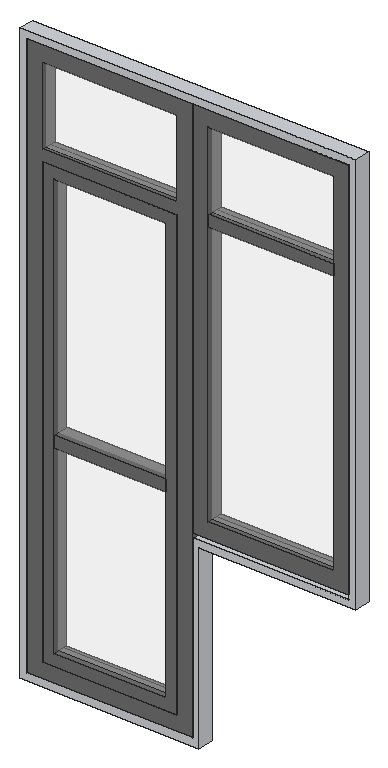
Revit family "AVLN_Балконный блок_Правый_Одностворчатый Фрамуга", category Окна, Revit 2021
Family settings
  Основа = Стена
  Номер OmniClass = 23.30.20.00
  Заголовок OmniClass = Windows
  Всегда вертикально = Да
  При загрузке вырезать с полостями = Нет
  Общий = Нет
  Точка принадлежности помещению = Нет
Parameters (values of type "1500")
  Ширина среднействорки = 400 mm
  Ширина рамы двери = 50 mm
  Ширина рамы = 70 mm
  Ширина окна = Width - Ширина двери - Монтажный зазор * 2  # 700 mm
  Ширина импоста = 50 mm
  Ширина двери = 740 mm
  Четверть слева/справа = 50 mm
  Четверть окна снизу = 50 mm
  Четверть низ = 0 mm  # constant formula
  Черверть верх = 50 mm
  Фрамуга_Высота = Height - (Дверь_Высота + Монтажный зазор * 2 + Ширина рамы * 2 + Ширина импоста)  # 350 mm
  Фрамуга окна = yes
  Толщина основы [instance] = 200 mm
  Створка_толщина = 25 mm  # constant formula
  Rough Width = Width - Монтажный зазор * 2  # 1440 mm
  Rough Height = Height - Монтажный зазор * 2  # 2540 mm
  Подстановочный профиль_Ширина = 20 mm  # constant formula
  Подстановочный профиль_Толщина = 50 mm
  Подоконник_Толщина = 20 mm
  Подоконник_Длина = Окно_Ширина + Ширина рамы * 2 + Монтажный зазор  # 730 mm
  Подоконник_Глубина = 190 mm
  Подоконник = no
  Отступ.доп.части_Н = Ширина окна + Ширина импоста  # 750 mm
  Отступ.доп.части_В = Ширина окна + Ширина импоста + Монтажный зазор  # 780 mm
  Отлив_Толщина = 1 mm  # constant formula
  Отлив_Длина = (Окно_Ширина + Ширина рамы * 2 + Монтажный зазор) - [Четверть слева/справа]  # 680 mm
  Отлив_Глубина = 200 mm
  Отлив = no
  Открывание фрамуга оконная = АВЛН_Створка открывная : Створка глухая
  Открывание фрамуга = АВЛН_Створка открывная : Створка глухая
  Открывание окно = АВЛН_Створка открывная : Створка глухая
  Откос_Н.Ширина = ADSK_Размер_Ширина - 2 * [Четверть слева/справа]  # 1400 mm
  Откос_Н.Толщина.8 = 32 mm
  Откос_Н.Толщина.7 = 28 mm
  Откос_Н.Толщина.6 = 24 mm
  Откос_Н.Толщина.5 = 20 mm
  Откос_Н.Толщина.4 = 16 mm
  Откос_Н.Толщина.3 = 12 mm
  Откос_Н.Толщина.2 = 8 mm
  Откос_Н.Толщина.1 = 4 mm
  Откос_Н.Отступ_П = ADSK_Размер_Высота - (Монтажный зазор + 2 * Ширина рамы + Высота окна)  # 850 mm
  Откос_Н.Отступ_Л = Монтажный зазор  # 30 mm
  Откос_Н.Отступ от уровня = Монтажный зазор  # 30 mm
  Откос_Н.Количество слоев = 0
  Откос_Н.Глубина = 150 mm  # constant formula
  Откос_Н.Высота = ADSK_Размер_Высота - Черверть верх  # 2550 mm
  Откос_В.Толщина.8 = 32 mm
  Откос_В.Толщина.7 = 28 mm
  Откос_В.Толщина.6 = 24 mm
  Откос_В.Толщина.5 = 20 mm
  Откос_В.Толщина.4 = 16 mm
  Откос_В.Толщина.3 = 12 mm
  Откос_В.Толщина.2 = 8 mm
  Откос_В.Толщина.1 = 4 mm
  Откос_В.Количество слоев = 0
  Откос_В.Глубина = 130 mm
  Откос.Отступ_П [instance] = ADSK_Размер_Высота - (Монтажный зазор + 2 * Ширина рамы + Высота окна)  # 850 mm
  Откос.Отступ_Л [instance] = 0 mm
  Определить тепловые свойства по = Тип схем
  Окно_Ширина = Width - Ширина двери - Монтажный зазор * 2 - Ширина рамы * 2  # 560 mm
  Окно_Высота = Высота окна - Фрамуга_Высота - Ширина импоста  # 1180 mm
  Монтажный зазор = 30 mm
  М.Стекла = AVLN_Остекление окон и дверей
  М.Рамы = AVLN_Материал импоста_RAL 7024
  М.Подоконный профиль = Рама
  М.Подоконник = none
  М.Откос_Н.8 = none
  М.Откос_Н.7 = none
  М.Откос_Н.6 = none
  М.Откос_Н.5 = none
  М.Откос_Н.4 = none
  М.Откос_Н.3 = none
  М.Откос_Н.2 = none
  М.Откос_Н.1 = Штукатурка наружных откосов
  М.Откос_В.8 = none
  М.Откос_В.7 = none
  М.Откос_В.6 = none
  М.Откос_В.5 = none
  М.Откос_В.4 = none
  М.Откос_В.3 = none
  М.Откос_В.2 = none
  М.Откос_В.1 = Штукатурка внутренних откосов
  М.Монтажного зазора = none
  Комментарии к типоразмеру = "АР"
  Ипост высота = 900 mm
  Дверь_Ширина = Ширина двери - Ширина рамы * 2  # 600 mm
  Дверь_Высота = 2000 mm
  Дверь.Открывание.Право = no
  Дверь.Открывание.Лево = not(Дверь.Открывание.Право)  # yes
  Дверь.Откидывание = yes
  Дверь заполнение = АВЛН_Дверь балконная : Заполнение стеклом разделенное
  Глубина вставки = 0 mm
  Высота установки ручки.Окно = 750 mm
  Высота установки ручки.Дверь = 1000 mm
  Высота подоконника по умолчанию = 0 mm
  Высота окна = 1580 mm
  Height = 2600 mm
  Замыкание стены = По основе
  Width = 1500 mm
  Без фрамуги = not(Фрамуга окна)  # no
  Аналитическая конструкция = "<Нет>"
  АВЛН_Площаль откосов наружных = (ADSK_Размер_Высота * 2 + ADSK_Размер_Ширина) * 150 mm  # 1.005 m²
  АВЛН_Площаль откосов внутренних = (ADSK_Размер_Высота * 2 + ADSK_Размер_Ширина) * 180 mm  # 1.206 m²
  ADSK_Этаж [instance] = ""
  ADSK_Размер_Ширина = Width  # 1500 mm
  ADSK_Размер_Высота = Height  # 2600 mm
  ADSK_Примечание [instance] = ""
  ADSK_Площадь = ((Ширина окна + Ширина рамы * 2 + Монтажный зазор) * (Высота окна + Ширина рамы * 2 + Монтажный зазор * 2 + Подоконник_Толщина)) + ((Монтажный зазор + Дверь_Ширина + Ширина рамы * 2) * (Height))  # 3.568 m²
  ADSK_Обозначение = "ГОСТ 30674-99 ГОСТ 30970-2014"
  ADSK_Номер секции [instance] = ""
  ADSK_Наименование = "БП Б1 1440-2540"
  ADSK_Марка = "ДБ-4Л"
  ADSK_Группирование = ""
  30/90 = yes
  -----------Разрезка----------- = "-----------"  # constant formula
  -----------Профили----------- = "-----------"  # constant formula
  -----------Подоконник----------- = "-----------"  # constant formula
  -----------Отлив----------- = "-----------"  # constant formula
  -----------Откос----------- = "-----------"  # constant formula
  -----------Основные габариты----------- = "-----------"  # constant formula
  -----------Вставка----------- = "-----------"  # constant formula
Reference planes
  plane 1 "По центру (Вперед/Назад)": y = 0
  plane 2 "По центру (Влево/Вправо)": x = 0
  plane 3 "Слева": x = -750
  plane 4 "Справа": x = 750
  plane 5 "Подоконник": z = 0
  plane 6 "Заголовок": z = 2600
  plane 7 "Наружный": y = 100
  plane 8 "Внутренние": y = -100
  plane 9 "Окно": y = 100
  plane 10: x = 720
  plane 11: z = 2570
  plane 12: x = -720
  plane 13: z = 30
  plane 14: x = 700
  plane 15: x = -700
  plane 16: z = 1100
  plane 17: y = 400
  plane 18: y = -400
  plane 19: z = 2550
  plane 20 "Чет. низ": z = 0
  plane 21 "Внутренняя граница": y = 30
  plane 22: z = 2500
  plane 23: z = 920
  plane 24: z = 850
  plane 25 "222": z = 830
  plane 26 "333": z = 800
  plane 27: x = 650
  plane 28: x = 0
  plane 29: z = 850
  plane 30: x = -50
  plane 31: x = 20
  plane 32: x = 50
  plane 33: x = 0
  plane 34 "334": x = -650
  plane 35: x = 370
  plane 36: z = 1510
  plane 37: x = -350
  plane 38: z = 2100
  plane 39: z = 100
  plane 40: z = 2150
  plane 41: z = 2325
  plane 42: x = 90
  plane 43: z = 1710
Forms (mm)
  Extrusion 1, void
    sketch origin (0, 100, 0) x (1, 0, 0) y (0, 0, 1)
      loop
        line (700, 2550) -> (-700, 2550) -> (-700, 0) -> (0, 0) -> (0, 850) -> (700, 850) -> (700, 2550)
    from -300 to 0
  Extrusion 2, void
    sketch origin (0, 100, 0) x (1, 0, 0) y (0, 0, 1)
      loop
        line (750, 2600) -> (-750, 2600) -> (-750, 0) -> (50, 0) -> (50, 800) -> (750, 800) -> (750, 2600)
    from 0 to 500
  Extrusion 3, solid, material "AVLN_Материал импоста_RAL 7024" <- "М.Рамы", detail levels medium+fine
    sketch origin (0, 100, 0) x (1, 0, 0) y (0, 0, 1)
      loop
        line (20, 30) -> (20, 2570) -> (-720, 2570) -> (-720, 30) -> (20, 30)
      loop
        line (-650, 100) -> (-50, 100) -> (-50, 2100) -> (-650, 2100) -> (-650, 100)
      loop
        line (-50, 2500) -> (-650, 2500) -> (-650, 2150) -> (-50, 2150) -> (-50, 2500)
    from 0 to 70
  Extrusion 4, solid, material <- "М.Монтажного зазора", detail levels medium+fine
    sketch origin (0, -100, 0) x (1, 0, 0) y (0, 0, 1)
      loop
        line (-750, 0) -> (50, 0) -> (50, 800) -> (750, 800) -> (750, 2600) -> (-750, 2600) -> (-750, 0)
      loop
        line (720, 2570) -> (-720, 2570) -> (-720, 30) -> (20, 30) -> (20, 830) -> (720, 830) -> (720, 2570)
    from -200 to -130
  Extrusion 5, solid, material "AVLN_Материал импоста_RAL 7024" <- "М.Рамы", detail levels medium+fine
    sketch origin (0, -100, 0) x (1, 0, 0) y (0, 0, 1)
      loop
        line (720, 850) -> (720, 2570) -> (20, 2570) -> (20, 850) -> (720, 850)
      loop
        line (90, 2500) -> (90, 920) -> (650, 920) -> (650, 2500) -> (90, 2500)
    from -200 to -130
  Extrusion 6, solid, material "AVLN_Материал импоста_RAL 7024" <- "М.Рамы", visible <- "Фрамуга окна", detail levels medium+fine
    sketch origin (0, -100, 0) x (1, 0, 0) y (0, 0, 1)
      loop
        line (90, 2150) -> (90, 2100) -> (650, 2100) -> (650, 2150) -> (90, 2150)
    from -200 to -130
Lines and regions (mm)
  reference lines
    curve 1: line (-750, -100, 2125) -> (0, -100, 2125)
    curve 2: line (-750, -100, 920) -> (0, -100, 920)
    curve 3: line (-750, 400, 2125) -> (0, 400, 2125)
Text (mm)
  text "EXTERIOR" at (-1963.203, 1332.353, 0), in view "Опорный уровень"
  text "INTERIOR" at (-1981.466, -818.386, 0), in view "Опорный уровень"
  text "Наружный" at (0, 923.751, 2943.296), in view "Справа"
  text "Наружный" at (0, 1240.237, 2685.409), in view "Слева"
Dimensions and locks
  equal spacing: plane 3 "Слева", plane 2 "По центру (Влево/Вправо)", plane 4 "Справа"
  "Width": plane 3 "Слева" to plane 4 "Справа"
  "Height": plane 5 "Подоконник" to plane 6 "Заголовок"
  "Высота подоконника по умолчанию": plane 5 "Подоконник" to level
  locked: plane 7 "Наружный" to host wall
  locked: plane 8 "Внутренние" to host wall
  "Глубина вставки": plane 9 "Окно" to plane 7 "Наружный"
  "Монтажный зазор": plane 10 to plane 4 "Справа"
  "Монтажный зазор": plane 3 "Слева" to plane 12
  "Монтажный зазор": plane 11 to plane 6 "Заголовок"
  "Монтажный зазор": plane 5 "Подоконник" to plane 13
  "Четверть слева/справа": plane 14 to plane 4 "Справа"
  "Четверть слева/справа": plane 3 "Слева" to plane 15
  locked: plane 7 "Наружный" to plane 17 at 300
  locked: plane 18 to plane 8 "Внутренние" at 300
  "Черверть верх": plane 19 to plane 6 "Заголовок"
  "Четверть низ": plane 5 "Подоконник" to plane 20 "Чет. низ"
  "Ширина рамы": plane 9 "Окно" to plane 21 "Внутренняя граница"
  "Ширина рамы": plane 22 to plane 11
  "Монтажный зазор": plane 26 "333" to plane 25 "222"
  "Подоконник_Толщина": plane 25 "222" to plane 24
  "Ширина рамы": plane 24 to plane 23
  "Высота окна": plane 23 to plane 22
  "Ширина рамы": plane 27 to plane 10
  "Четверть окна снизу": plane 26 "333" to plane 29
  "Ширина импоста": plane 30 to plane 28
  "Монтажный зазор": plane 31 to plane 32
  "Ширина рамы": plane 30 to plane 31
  "Четверть слева/справа": plane 33 to plane 32
  "Толщина основы": host wall to host wall
  "Ширина рамы": plane 12 to plane 34 "334"
  equal spacing: plane 42, plane 35, plane 27
  equal spacing: plane 38, plane 36, plane 23
  equal spacing: plane 34 "334", plane 37, plane 30
  equal spacing: plane 38, plane 16, plane 39
  "Ширина рамы": plane 39 to plane 13
  "Ширина импоста": plane 40 to plane 38
  equal spacing: plane 40, curve 1, plane 38
  equal spacing: plane 22, plane 41, plane 40
  "Дверь_Высота": plane 38 to plane 39
  "Ширина рамы": plane 31 to plane 42
  equal spacing: plane 38, curve 3, plane 40
  "Ширина двери": plane 12 to plane 31
  plane 31 to plane 10 = 700 mm  (x2)
  plane 12 to plane 31 = 740 mm
  plane 11 to plane 24 = 1720 mm
  equal spacing: plane 22, plane 43, plane 23
  aligned and locked: Extrusion 1 sketch curve to plane 14
  aligned and locked: Extrusion 1 sketch curve to plane 15
  aligned and locked: Extrusion 1 to plane 9 "Окно"
  aligned and locked: plane 17 to Extrusion 1
  aligned and locked: Extrusion 2 sketch curve to plane 6 "Заголовок"
  aligned and locked: Extrusion 2 sketch curve to plane 4 "Справа"
  aligned and locked: plane 5 "Подоконник" to Extrusion 2 sketch curve
  aligned and locked: plane 3 "Слева" to Extrusion 2 sketch curve
  aligned and locked: plane 9 "Окно" to Extrusion 2
  aligned and locked: Extrusion 2 to plane 18
  aligned and locked: Extrusion 1 sketch curve to plane 19
  aligned and locked: plane 20 "Чет. низ" to Extrusion 1 sketch curve
  aligned and locked: nested 1 to plane 21 "Внутренняя граница"
  aligned and locked: plane 29 to Extrusion 1 sketch curve
  aligned and locked: plane 26 "333" to Extrusion 2 sketch curve
  aligned and locked: nested 1 to plane 4 "Справа"
  aligned and locked: Extrusion 1 sketch curve to plane 33
  aligned and locked: nested 2 to plane 2 "По центру (Влево/Вправо)"
  aligned and locked: plane 8 "Внутренние" to nested 2
  aligned and locked: nested 3 to plane 9 "Окно"
  aligned and locked: nested 3 to plane 2 "По центру (Влево/Вправо)"
  aligned and locked: plane 32 to Extrusion 2 sketch curve
  aligned and locked: Extrusion 3 sketch curve to plane 31
  aligned and locked: Extrusion 3 sketch curve to plane 13
  aligned and locked: Extrusion 3 sketch curve to plane 12
  aligned and locked: Extrusion 3 sketch curve to plane 11
  aligned and locked: Extrusion 3 sketch curve to plane 30
  aligned and locked: plane 9 "Окно" to Extrusion 3
  aligned and locked: Extrusion 3 to nested 1
  aligned and locked: plane 3 "Слева" to Extrusion 4 sketch curve
  aligned and locked: Extrusion 4 sketch curve to plane 20 "Чет. низ"
  aligned and locked: Extrusion 4 sketch curve to plane 32
  aligned and locked: Extrusion 4 sketch curve to plane 26 "333"
  aligned and locked: Extrusion 4 sketch curve to plane 4 "Справа"
  aligned and locked: Extrusion 4 sketch curve to plane 6 "Заголовок"
  aligned and locked: plane 11 to Extrusion 4 sketch curve
  aligned and locked: Extrusion 4 sketch curve to plane 12
  aligned and locked: Extrusion 4 sketch curve to plane 13
  aligned and locked: Extrusion 4 sketch curve to plane 31
  aligned and locked: Extrusion 4 sketch curve to plane 25 "222"
  aligned and locked: Extrusion 4 sketch curve to plane 10
  aligned and locked: Extrusion 3 to plane 34 "334"
  aligned and locked: plane 39 to Extrusion 3
  aligned and locked: plane 3 "Слева" to curve 1
  aligned and locked: plane 28 to curve 1
  aligned and locked: plane 9 "Окно" to Extrusion 4
  aligned and locked: Extrusion 4 to plane 21 "Внутренняя граница"
  aligned and locked: nested 4 to plane 21 "Внутренняя граница"
  aligned and locked: plane 21 "Внутренняя граница" to nested 5
  aligned and locked: plane 12 to nested 5
  aligned and locked: plane 33 to nested 4
  aligned and locked: Extrusion 5 sketch curve to plane 11
  aligned and locked: Extrusion 5 sketch curve to plane 31
  aligned and locked: plane 29 to Extrusion 5 sketch curve
  aligned and locked: Extrusion 5 sketch curve to plane 10
  aligned and locked: plane 23 to Extrusion 5 sketch curve
  aligned and locked: Extrusion 5 sketch curve to plane 22
  aligned and locked: Extrusion 5 sketch curve to plane 42
  aligned and locked: Extrusion 5 to plane 21 "Внутренняя граница"
  aligned and locked: plane 9 "Окно" to Extrusion 5
  aligned and locked: plane 37 to nested 6
  aligned and locked: plane 41 to nested 6
  aligned and locked: plane 36 to nested 7
  aligned and locked: nested 7 to plane 35
  aligned and locked: curve 2 to plane 23
  aligned and locked: plane 29 to nested 8
  aligned and locked: plane 14 to nested 8
  aligned and locked: plane 35 to nested 9
  aligned and locked: plane 41 to nested 9
  aligned and locked: plane 16 to nested 10
  aligned and locked: nested 10 to plane 37
  aligned and locked: plane 40 to Extrusion 6
  aligned and locked: Extrusion 6 to plane 38
  aligned and locked: plane 42 to Extrusion 6
  aligned and locked: Extrusion 6 to plane 27
  aligned and locked: Extrusion 6 to Extrusion 5
  aligned and locked: Extrusion 5 to Extrusion 6
  aligned and locked: nested 11 to plane 35
  aligned and locked: plane 43 to nested 11
  aligned and locked: plane 6 "Заголовок" to nested 12
  aligned and locked: nested 12 to plane 4 "Справа"
Automatic sketch dimensions
  plane 3 "Слева" to curve 2 = 0 mm
  plane 28 to curve 2 = 0 mm
  plane 34 "334" to Extrusion 3 sketch curve = 0 mm  (x2)
  Extrusion 3 sketch curve to plane 22 = 0 mm
  Extrusion 3 sketch curve to plane 30 = 0 mm
  Extrusion 3 sketch curve to plane 39 = 0 mm
  Extrusion 3 sketch curve to plane 38 = 0 mm
  Extrusion 3 sketch curve to plane 40 = 0 mm
  plane 3 "Слева" to curve 3 = 0 mm
  plane 28 to curve 3 = 0 mm
  plane 27 to Extrusion 5 sketch curve = 0 mm
  Extrusion 6 sketch curve to plane 42 = 0 mm
  plane 27 to Extrusion 6 sketch curve = 0 mm
  plane 38 to Extrusion 6 sketch curve = 0 mm
  Extrusion 6 sketch curve to plane 40 = 0 mm
Nested families
  nested 1: "Подоконник" at (385, 30, 800), Глубина подоконника <- "Подоконник_Глубина", Длина отлива <- "Подоконник_Длина", ТП <- "Подоконник_Толщина", Ш_МЗЗ <- "Монтажный зазор", Ш_ПП <- "Подстановочный профиль_Ширина", ADSK_Группирование <- "ADSK_Группирование", ADSK_Номер секции <- "ADSK_Номер секции", ADSK_Этаж <- "ADSK_Этаж", visible <- "Подоконник", М <- "М.Подоконник", type "Подоконник"
    with Ш_ПП 20 mm, Ш_МЗЗ 30 mm, ТП 20 mm, М none, Длина отлива 730 mm, Глубина подоконника 190 mm, ADSK_Этаж "", ADSK_Примечание "", ADSK_Обозначение "", ADSK_Номер секции "", ADSK_Наименование "", ADSK_Марка "", ADSK_Группирование ""
  nested 2: "AVLN_Откосы_R19" at (0, -100, 0) x (-1, 0, 0) z (0, 0, 1), Ширина <- "ADSK_Размер_Ширина", Глубина <- "Откос_В.Глубина", Высота <- "ADSK_Размер_Высота", Высота от уровня <- "Высота подоконника по умолчанию", ADSK_Группирование <- "Комментарии к типоразмеру", ADSK_Этаж <- "ADSK_Этаж", ADSK_Номер секции <- "ADSK_Номер секции", Материал_1 <- "М.Откос_В.1", Материал_2 <- "М.Откос_В.2", Материал_3 <- "М.Откос_В.3", Материал_4 <- "М.Откос_В.4", Материал_5 <- "М.Откос_В.5", Материал_6 <- "М.Откос_В.6", Материал_7 <- "М.Откос_В.7", Материал_8 <- "М.Откос_В.8", Толщина_1 <- "Откос_В.Толщина.1", Толщина_2 <- "Откос_В.Толщина.2", Толщина_3 <- "Откос_В.Толщина.3", Толщина_4 <- "Откос_В.Толщина.4", Толщина_5 <- "Откос_В.Толщина.5", Толщина_6 <- "Откос_В.Толщина.6", Толщина_7 <- "Откос_В.Толщина.7", Толщина_8 <- "Откос_В.Толщина.8", Количество слоев <- "Откос_В.Количество слоев", Отступ_Л <- "Откос.Отступ_П", Отступ_П <- "Откос.Отступ_Л", Отступ.доп.части <- "Отступ.доп.части_В", type "AVLN_Откосы_R19"
    with Ширина_8 1276 mm, Ширина_7 1332 mm, Ширина_6 1380 mm, Ширина_5 1420 mm, Ширина_4 1452 mm, Ширина_3 1476 mm, Ширина_2 1492 mm, Ширина 1500 mm, Толщина_8 32 mm, Толщина_7 28 mm, Толщина_6 24 mm, Толщина_5 20 mm, Толщина_4 16 mm, Толщина_3 12 mm, Толщина_2 8 mm, Толщина_1 4 mm, Отступ_П 0 mm, Отступ_Л 850 mm, Отступ.доп.части 780 mm, Материал_8 none, Материал_7 none, Материал_6 none, Материал_5 none, Материал_4 none, Материал_3 none, Материал_2 none, Материал_1 Штукатурка внутренних откосов, Количество слоев 0, Глубина 130 mm, Высота_8 2488 mm, Высота_7 2516 mm, Высота_6 2540 mm, Высота_5 2560 mm, Высота_4 2576 mm, Высота_3 2588 mm, Высота_2 2596 mm, Высота.доп.части 0 mm, Высота от уровня 0 mm, Высота 2600 mm, Видимость_8 no, Видимость_7 no, Видимость_6 no, Видимость_5 no, Видимость_4 no, Видимость_3 no, Видимость_2 no, Видимость_1 no, Видимость.доп.части yes, ВД.8 no, ВД.7 no, ВД.6 no, ВД.5 no, ВД.4 no, ВД.3 no, ВД.2 no, ВД.1 no, ADSK_Этаж "", ADSK_Номер секции "", ADSK_Группирование "АР"
  nested 3: "AVLN_Откосы_R19" at (0, 100, 0) x (-1, 0, 0) z (0, 0, 1), Ширина <- "Откос_Н.Ширина", Глубина <- "Откос_Н.Глубина", Высота <- "Откос_Н.Высота", Высота от уровня <- "Откос_Н.Отступ от уровня", ADSK_Группирование <- "Комментарии к типоразмеру", ADSK_Этаж <- "ADSK_Этаж", ADSK_Номер секции <- "ADSK_Номер секции", Материал_1 <- "М.Откос_Н.1", Материал_2 <- "М.Откос_Н.2", Материал_3 <- "М.Откос_Н.3", Материал_4 <- "М.Откос_Н.4", Материал_5 <- "М.Откос_Н.5", Материал_6 <- "М.Откос_Н.6", Материал_7 <- "М.Откос_Н.7", Материал_8 <- "М.Откос_Н.8", Толщина_1 <- "Откос_Н.Толщина.1", Толщина_2 <- "Откос_Н.Толщина.2", Толщина_3 <- "Откос_Н.Толщина.3", Толщина_4 <- "Откос_Н.Толщина.4", Толщина_5 <- "Откос_Н.Толщина.5", Толщина_6 <- "Откос_Н.Толщина.6", Толщина_7 <- "Откос_Н.Толщина.7", Толщина_8 <- "Откос_Н.Толщина.8", Количество слоев <- "Откос_Н.Количество слоев", Отступ_Л <- "Откос_Н.Отступ_П", Отступ_П <- "Откос_Н.Отступ_Л", Отступ.доп.части <- "Отступ.доп.части_Н", type "AVLN_Откосы_R19"
    with Ширина_8 1176 mm, Ширина_7 1232 mm, Ширина_6 1280 mm, Ширина_5 1320 mm, Ширина_4 1352 mm, Ширина_3 1376 mm, Ширина_2 1392 mm, Ширина 1400 mm, Толщина_8 32 mm, Толщина_7 28 mm, Толщина_6 24 mm, Толщина_5 20 mm, Толщина_4 16 mm, Толщина_3 12 mm, Толщина_2 8 mm, Толщина_1 4 mm, Отступ_П 30 mm, Отступ_Л 850 mm, Отступ.доп.части 750 mm, Материал_8 none, Материал_7 none, Материал_6 none, Материал_5 none, Материал_4 none, Материал_3 none, Материал_2 none, Материал_1 Штукатурка наружных откосов, Количество слоев 0, Глубина 150 mm, Высота_8 2438 mm, Высота_7 2466 mm, Высота_6 2490 mm, Высота_5 2510 mm, Высота_4 2526 mm, Высота_3 2538 mm, Высота_2 2546 mm, Высота.доп.части 0 mm, Высота от уровня 30 mm, Высота 2550 mm, Видимость_8 no, Видимость_7 no, Видимость_6 no, Видимость_5 no, Видимость_4 no, Видимость_3 no, Видимость_2 no, Видимость_1 no, Видимость.доп.части yes, ВД.8 no, ВД.7 no, ВД.6 no, ВД.5 no, ВД.4 no, ВД.3 no, ВД.2 no, ВД.1 no, ADSK_Этаж "", ADSK_Номер секции "", ADSK_Группирование "АР"
  nested 4: "АС-Обозначение на плане двупольная" at (0, 30, 0), Коробка.Толщина <- "Ширина рамы", Коробка.Ширина <- "Ширина импоста", Rough Width <- "Дверь_Ширина", Height <- "ADSK_Размер_Высота", visible <- "Дверь.Открывание.Право", type "АС-Стандарт", detail levels medium+fine
    with Width 651 mm, built-in parameter 1001302 50 mm, Rough Width 600 mm, Монтажный зазор.Ширина сбоку 1 mm, Коробка.Ширина 50 mm, Коробка.Толщина 70 mm, Height 2600 mm
  nested 5: "АС-Обозначение на плане двупольная" at (-720, 30, 0) x (-1, 0, 0) z (0, 0, 1), Коробка.Толщина <- "Ширина рамы", Коробка.Ширина <- "Ширина импоста", Rough Width <- "Дверь_Ширина", Height <- "ADSK_Размер_Высота", visible <- "Дверь.Открывание.Лево", type "АС-Стандарт", detail levels medium+fine
    with Width 651 mm, built-in parameter 1001302 50 mm, Rough Width 600 mm, Монтажный зазор.Ширина сбоку 1 mm, Коробка.Ширина 50 mm, Коробка.Толщина 70 mm, Height 2600 mm
  nested 6: "АВЛН_Створка открывная" at (-350, 30, 2325) x (1, 0, 0) z (0, 1, 0), Створка высота <- "Фрамуга_Высота", Створка ширина <- "Дверь_Ширина", Ширина рамы <- "Створка_толщина", type <- "Открывание фрамуга", Материал_Рама <- "М.Рамы", Материал_Стеклопакет <- "М.Стекла", Материал_Ручки <- "М.Рамы", type "Створка глухая", detail levels medium+fine
    with Ширина рамы 25 mm, Створка ширина 600 mm, Створка высота 350 mm, Материал_Стеклопакет AVLN_Остекление окон и дверей, Материал_Ручки AVLN_Материал импоста_RAL 7024, Материал_Рама AVLN_Материал импоста_RAL 7024
  nested 7: "АВЛН_Створка открывная" at (370, 30, 1510) x (1, 0, 0) z (0, 1, 0), Створка высота <- "Окно_Высота", Створка ширина <- "Окно_Ширина", Ширина рамы <- "Створка_толщина", type <- "Открывание окно", Материал_Рама <- "М.Рамы", Материал_Ручки <- "М.Рамы", Материал_Стеклопакет <- "М.Стекла", visible <- "Фрамуга окна", type "Створка глухая", detail levels medium+fine
    with Ширина рамы 25 mm, Створка ширина 560 mm, Створка высота 1180 mm, Материал_Стеклопакет AVLN_Остекление окон и дверей, Материал_Ручки AVLN_Материал импоста_RAL 7024, Материал_Рама AVLN_Материал импоста_RAL 7024
  nested 8: "Отлив" at (360, 100, 820) x (-1, 0, 0) z (0, 0, 1), Длина отлива <- "Отлив_Длина", Глубина отлива <- "Отлив_Глубина", ТО <- "Отлив_Толщина", Ш_МЗЗ <- "Монтажный зазор", Ш_ПП <- "Подстановочный профиль_Толщина", visible <- "Отлив", type "Отлив"
    with Ш_ПП 50 mm, Ш_МЗЗ 30 mm, ТО 1 mm, М none, Длина отлива 680 mm, Глубина отлива 200 mm, ADSK_Этаж "", ADSK_Примечание "", ADSK_Обозначение "", ADSK_Номер секции "", ADSK_Наименование "", ADSK_Марка "", ADSK_Группирование ""
  nested 9: "АВЛН_Створка открывная" at (370, 30, 2325) x (1, 0, 0) z (0, 1, 0), Створка высота <- "Фрамуга_Высота", Створка ширина <- "Окно_Ширина", Ширина рамы <- "Створка_толщина", type <- "Открывание фрамуга оконная", Материал_Рама <- "М.Рамы", Материал_Ручки <- "М.Рамы", Материал_Стеклопакет <- "М.Стекла", visible <- "Фрамуга окна", type "Створка глухая", detail levels medium+fine
    with Ширина рамы 25 mm, Створка ширина 560 mm, Створка высота 350 mm, Материал_Стеклопакет AVLN_Остекление окон и дверей, Материал_Ручки AVLN_Материал импоста_RAL 7024, Материал_Рама AVLN_Материал импоста_RAL 7024
  nested 10: "АВЛН_Дверь балконная" at (-350, 100, 1100) x (-1, 0, 0) z (0, -1, 0), Дверь высота <- "Дверь_Высота", Дверь ширина <- "Дверь_Ширина", Ручка высота <- "Высота установки ручки.Дверь", Импост высота <- "Ипост высота", Импост ширина <- "Ширина импоста", Корбка толщина <- "Ширина рамы двери", type <- "Дверь заполнение", Правая <- "Дверь.Открывание.Лево", Левая <- "Дверь.Открывание.Право", Откидная <- "Дверь.Откидывание", М.ПП <- "М.Рамы", М.Р <- "М.Рамы", М.С <- "М.Стекла", type "Заполнение стеклом разделенное", detail levels medium+fine
    with Ручка высота 1000 mm, Правая yes, Откидная yes, М.С AVLN_Остекление окон и дверей, М.Р AVLN_Материал импоста_RAL 7024, М.ПП AVLN_Материал импоста_RAL 7024, Левая no, Корбка толщина 50 mm, Импост ширина 50 mm, Импост высота 900 mm, Дверь ширина 600 mm, Дверь высота 2000 mm, Width 800 mm, Импост yes
  nested 11: "АВЛН_Створка открывная" at (370, -100, 1710) x (-1, 0, 0) z (0, -1, 0), Створка высота <- "Высота окна", Створка ширина <- "Окно_Ширина", Ширина рамы <- "Створка_толщина", type <- "Открывание окно", Материал_Рама <- "М.Рамы", Материал_Ручки <- "М.Рамы", Материал_Стеклопакет <- "М.Стекла", visible <- "Без фрамуги", type "Створка глухая", detail levels medium+fine
    with Ширина рамы 25 mm, Створка ширина 560 mm, Створка высота 1580 mm, Материал_Стеклопакет AVLN_Остекление окон и дверей, Материал_Ручки AVLN_Материал импоста_RAL 7024, Материал_Рама AVLN_Материал импоста_RAL 7024
  nested 12: "AVLN_Обозначение проема" at (0, 100, 1300) x (0, 0, -1) z (0, -1, 0), ADSK_Размер_Высота <- "ADSK_Размер_Ширина", ADSK_Размер_Ширина <- "ADSK_Размер_Высота", type "AVLN_Обозначение проема", detail levels coarse
    with ADSK_Размер_Ширина 2600 mm, ADSK_Размер_Высота 1500 mm
Definition of nested family "Подоконник"
  Parameters (values of type "Подоконник")
    Ш_ПП [instance] = 50 mm
    Ш_МЗЗ [instance] = 35 mm
    ТП [instance] = 20 mm
    Default Elevation = 1219.2 mm
    М [instance] = none
    Длина отлива [instance] = 1560 mm
    Глубина подоконника [instance] = 280 mm
    ADSK_Этаж [instance] = ""
    ADSK_Примечание [instance] = ""
    ADSK_Обозначение [instance] = ""
    ADSK_Номер секции [instance] = ""
    ADSK_Наименование [instance] = ""
    ADSK_Марка [instance] = ""
    ADSK_Группирование [instance] = ""
  Reference planes
    plane 1 "По центру (Вперед/Назад)": y = 0
    plane 2: z = 0
    plane 3 "По центру (Влево/Вправо)": x = 0
    plane 4: y = -280
    plane 5: x = -780
    plane 6: x = 780
    plane 7: z = 35
    plane 8: z = 85
    plane 9: y = -20
    plane 10: y = -290
    plane 11: y = -310
    plane 12: z = -35
    plane 13: z = 15
    plane 14: z = 65
  Forms (mm)
    Extrusion 1, solid, material <- "М"
      sketch origin (0, 0, 0) x (0, 1, 0) y (0, 0, 1)
        loop
          line (0, 85) -> (-310, 85) -> (-310, 0) -> (-290, 0) -> (-290, 65) -> (0, 65) -> (0, 85)
      from -780 to 780
  Dimensions and locks
    equal spacing: plane 5, plane 3 "По центру (Влево/Вправо)", plane 6
    "Длина отлива": plane 5 to plane 6
    "Глубина подоконника": plane 4 to plane 1 "По центру (Вперед/Назад)"
    "Ш_МЗЗ": plane 7 to level
    "Ш_ПП": plane 8 to plane 7
    "ТП": plane 1 "По центру (Вперед/Назад)" to plane 9
    "ТП": plane 10 to plane 11
    locked: level to plane 12 at 35
    "ТП": plane 7 to plane 13
    locked: plane 4 to plane 10 at 10
    "ТП": plane 8 to plane 14
    aligned and locked: level to plane 2
    aligned and locked: plane 8 to Extrusion 1 sketch curve
    aligned and locked: plane 1 "По центру (Вперед/Назад)" to Extrusion 1 sketch curve
    aligned and locked: plane 10 to Extrusion 1 sketch curve
    aligned and locked: plane 11 to Extrusion 1 sketch curve
    aligned and locked: level to Extrusion 1 sketch curve
    aligned and locked: plane 14 to Extrusion 1 sketch curve
    aligned and locked: Extrusion 1 to plane 5
    aligned and locked: plane 6 to Extrusion 1
Definition of nested family "АВЛН_Створка открывная"
  Parameters (values of type "Створка повороно-откидная правая")
    Ширина рамы [instance] = 50 mm
    Width = 600 mm
    Створка ширина [instance] = 800 mm
    Створка высота [instance] = 700 mm
    Материал_Стеклопакет [instance] = none
    Поворотная Правая = yes
    Поворотная Левая = no
    Default Elevation = 1219.2 mm
    Открываная = yes
    Откидная = yes
    Материал_Ручки [instance] = none
    Материал_Рама [instance] = none
    Левая = yes
    Глухое = no
    Height = 1150 mm
    Analytic Construction = "<Нет>"
  Types (6, lengths in mm): name | Width | Поворотная Правая | Поворотная Левая | Открываная | Откидная | Глухое | Height
    Створка повороно-откидная правая | 600 | yes | no | yes | yes | no | 1150
    Створка повороно-откидная левая | 600 | no | yes | yes | yes | no | 1150
    Створка глухая | 600 | no | no | no | no | yes | 1150
    Створка откидная | 1300 | no | no | yes | yes | no | 1700
    Створка поворотная правая | 600 | yes | no | yes | no | no | 1150
    Створка поворотная левая | 600 | no | yes | yes | no | no | 1150
  Reference planes
    plane 1 "По центру (Вперед/Назад)": y = 0
    plane 2 "Внутрення грань": z = 0
    plane 3 "По центру (Влево/Вправо)": x = 0
    plane 4: y = 350
    plane 5: x = 400
    plane 6: y = -350
    plane 7: x = -400
    plane 8 "Наружняя грань": z = 60.433
    plane 9 "По центру Л/Р": z = 30.216
  Forms (mm)
    Extrusion 1, solid
      sketch origin (0, 0, 0) x (1, 0, 0) y (0, 1, 0)
        loop
          line (-1219.2, 1219.2) -> (-1219.2, -1219.2) -> (1219.2, -1219.2) -> (1219.2, 1219.2) -> (-1219.2, 1219.2)
      from 0 to -304.8
    Sweep 2, solid, material <- "Материал_Рама", visible <- "Открываная"
      path origin (0, 0, 0) x (1, 0, 0) y (0, 1, 0)
        loop
          line (400, 350) -> (-400, 350) -> (-400, -350) -> (400, -350) -> (400, 350)
      profile origin (0, 350, 0) x (0, -1, 0) y (0, 0, 1)
        loop
          line (0, 0) -> (50, 0) -> (50, 60.433) -> (0, 60.433) -> (0, 0)
    Extrusion 3, solid, material <- "Материал_Стеклопакет", visible <- "Открываная"
      sketch origin (0, 0, 0) x (1, 0, 0) y (0, 1, 0)
        loop
          line (-350, 300) -> (-350, -300) -> (350, -300) -> (350, 300) -> (-350, 300)
      from 17.481 to 42.952
    Extrusion 4, solid, material <- "Материал_Стеклопакет", visible <- "Глухое"
      sketch origin (0, 0, 0) x (1, 0, 0) y (0, 1, 0)
        loop
          line (-400, 350) -> (-400, -350) -> (400, -350) -> (400, 350) -> (-400, 350)
      from 17.481 to 42.952
  Lines and regions (mm)
    model lines, visible <- "Глухое", detail levels medium+fine
      curve 1: line (0, 50, 60.433) -> (0, -50, 60.433)
      curve 2: line (50, 0, 60.433) -> (-50, 0, 60.433)
      curve 17: line (0, 50, 0) -> (0, -50, 0)
      curve 18: line (50, 0, 0) -> (-50, 0, 0)
    model lines, visible <- "Глухое", not visible, detail levels medium+fine
      curve 3: line (60, 38.001, 60.433) -> (60, -61.999, 60.433)
      curve 4: line (110, -11.999, 60.433) -> (10, -11.999, 60.433)
    model lines, visible <- "Поворотная Правая", detail levels medium+fine
      curve 5: line (400, 350, 0) -> (-400, 0, 0)
      curve 6: line (400, -350, 0) -> (-400, 0, 0)
      curve 13: line (400, 350, 60.433) -> (-400, 0, 60.433)
      curve 14: line (400, -350, 60.433) -> (-400, 0, 60.433)
    model lines, visible <- "Откидная", detail levels medium+fine
      curve 7: line (-400, -350, 0) -> (0, 350, 0)
      curve 8: line (0, 350, 0) -> (400, -350, 0)
      curve 15: line (-400, -350, 60.433) -> (0, 350, 60.433)
      curve 16: line (0, 350, 60.433) -> (400, -350, 60.433)
    model lines, visible <- "Поворотная Левая", detail levels medium+fine
      curve 9: line (-400, 350, 0) -> (400, 0, 0)
      curve 10: line (-400, -350, 0) -> (400, 0, 0)
      curve 11: line (-400, 350, 60.433) -> (400, 0, 60.433)
      curve 12: line (-400, -350, 60.433) -> (400, 0, 60.433)
  Dimensions and locks
    "Створка высота": plane 4 to plane 6
    "Створка ширина": plane 7 to plane 5
    equal spacing: plane 7, plane 3 "По центру (Влево/Вправо)", plane 5
    equal spacing: plane 6, plane 1 "По центру (Вперед/Назад)", plane 4
    plane 2 "Внутрення грань" to plane 8 "Наружняя грань" = 60.433 mm
    level to Extrusion 4 = 42.952 mm
    plane 8 "Наружняя грань" to level = 60.433 mm
    equal spacing: Extrusion 3, plane 9 "По центру Л/Р", Extrusion 3
    equal spacing: plane 8 "Наружняя грань", plane 9 "По центру Л/Р", level
    Extrusion 3 to Extrusion 3 = 25.471 mm
    "Ширина рамы": profile plane to Sweep 2 sketch curve
    equal spacing: Extrusion 4, plane 9 "По центру Л/Р", Extrusion 4, locked at 12.735 each
    locked: Extrusion 4 to Extrusion 4 at 25.471
    equal spacing: Sweep 2, nested 1, Sweep 2
    equal spacing: Sweep 2, nested 2, Sweep 2
    aligned and locked: plane 2 "Внутрення грань" to Extrusion 1
    aligned and locked: level to Extrusion 1
    aligned and locked: plane 4 to Sweep 2 sketch curve
    aligned and locked: plane 5 to Sweep 2 sketch curve
    aligned and locked: plane 6 to Sweep 2 sketch curve
    aligned and locked: Sweep 2 sketch curve to plane 7
    aligned and locked: Extrusion 3 sketch curve to Sweep 2  (x4)
    aligned and locked: Extrusion 4 sketch curve to Sweep 2  (x3)
    aligned and locked: Extrusion 4 sketch curve to plane 5
    aligned and locked: Sweep 2 sketch curve to plane 8 "Наружняя грань"
    aligned and locked: plane 6 to Extrusion 4
    aligned and locked: plane 4 to Extrusion 4
    aligned and locked: curve 2 to plane 1 "По центру (Вперед/Назад)"
    aligned and locked: curve 1 to plane 3 "По центру (Влево/Вправо)"
    aligned and locked: curve 18 to plane 1 "По центру (Вперед/Назад)"
    aligned and locked: curve 17 to plane 3 "По центру (Влево/Вправо)"
    aligned and locked: nested 2 to plane 1 "По центру (Вперед/Назад)"
    aligned and locked: nested 1 to plane 1 "По центру (Вперед/Назад)"
  Automatic sketch dimensions
    Extrusion 1 sketch curve to Extrusion 1 sketch curve = 2438.4 mm  (x2)
    plane 1 "По центру (Вперед/Назад)" to curve 5 = 0 mm
    curve 5 to plane 7 = 0 mm
    curve 9 to plane 4 = 0 mm
    curve 9 to plane 7 = 0 mm
    plane 6 to curve 7 = 0 mm
    curve 7 to plane 7 = 0 mm
    curve 7 to plane 3 "По центру (Влево/Вправо)" = 0 mm
    curve 6 to plane 5 = 0 mm
    plane 1 "По центру (Вперед/Назад)" to curve 9 = 0 mm
    curve 9 to plane 5 = 0 mm
    curve 5 to plane 4 = 0 mm
    curve 5 to plane 5 = 0 mm
    plane 6 to curve 8 = 0 mm
    curve 8 to plane 4 = 0 mm
    curve 11 to plane 4 = 0 mm
    curve 11 to plane 7 = 0 mm
    plane 6 to curve 15 = 0 mm
    curve 15 to plane 7 = 0 mm
    plane 1 "По центру (Вперед/Назад)" to curve 14 = 0 mm
    curve 14 to plane 7 = 0 mm
    curve 15 to plane 3 "По центру (Влево/Вправо)" = 0 mm
    plane 1 "По центру (Вперед/Назад)" to curve 11 = 0 mm
    curve 11 to plane 5 = 0 mm
    curve 14 to plane 5 = 0 mm
    curve 13 to plane 4 = 0 mm
    curve 13 to plane 5 = 0 mm
    plane 6 to curve 14 = 0 mm
    curve 15 to plane 4 = 0 mm
    plane 1 "По центру (Вперед/Назад)" to curve 2 = 0 mm
    curve 1 to plane 3 "По центру (Влево/Вправо)" = 0 mm
    curve 2 to plane 3 "По центру (Влево/Вправо)" = 50 mm
    plane 3 "По центру (Влево/Вправо)" to curve 2 = 50 mm
    plane 1 "По центру (Вперед/Назад)" to curve 1 = 50 mm
    curve 1 to plane 1 "По центру (Вперед/Назад)" = 50 mm
    curve 18 to curve 17 = 50 mm
    curve 17 to curve 18 = 50 mm
    plane 1 "По центру (Вперед/Назад)" to curve 17 = 50 mm
    curve 17 to plane 1 "По центру (Вперед/Назад)" = 50 mm
    Sweep 2 sketch curve to level = 0 mm
    Sweep 2 sketch curve to profile plane = 0 mm
  Nested families
    nested 1: "АВЛН_Ручка" at (375, 1040, 0) x (1, 0, 0) z (0, -1, 0), visible <- "Поворотная Левая", Материал дверной ручки <- "Материал_Рама", type "АВЛН_Ручка", detail levels fine
      with Материал дверной ручки none, Высота расположения дверной ручки 1040 mm
    nested 2: "АВЛН_Ручка" at (-375, 1040, 0) x (1, 0, 0) z (0, -1, 0), visible <- "Поворотная Правая", Материал дверной ручки <- "Материал_Рама", type "АВЛН_Ручка", detail levels fine
      with Материал дверной ручки none, Высота расположения дверной ручки 1040 mm
  Definition of nested family "АВЛН_Ручка"
    Parameters (values of type "АВЛН_Ручка")
      Default Elevation = 1219.2 mm
      Материал дверной ручки [instance] = none
      Высота расположения дверной ручки [instance] = 1040 mm
      Analytic Construction = "<Нет>"
      b = 25 mm
      a = 75 mm
    Reference planes
      plane 1 "По центру (Вперед/Назад)": y = 0
      plane 2: z = 0
      plane 3 "По центру (Влево/Вправо)": x = 0
      plane 4: z = 1040
      plane 5: x = 12.5
      plane 6: x = -12.5
      plane 7: z = 1002.5
      plane 8: z = 1077.5
      plane 9: y = -15
    Forms (mm)
      Extrusion 1, solid, material <- "Материал дверной ручки"
        sketch origin (0, 0, 2080) x (-1, 0, 0) y (0, 0, -1)
          loop
            arc (-2.5, 1077.5) -> (-9.571, 1074.571) -> (-12.5, 1067.5) r 10
            line (-12.5, 1067.5) -> (-12.5, 1012.5)
            arc (-12.5, 1012.5) -> (-9.571, 1005.429) -> (-2.5, 1002.5) r 10
            line (-2.5, 1002.5) -> (2.5, 1002.5)
            arc (2.5, 1002.5) -> (9.571, 1005.429) -> (12.5, 1012.5) r 10
            line (12.5, 1012.5) -> (12.5, 1067.5)
            arc (12.5, 1067.5) -> (9.571, 1074.571) -> (2.5, 1077.5) r 10
            line (2.5, 1077.5) -> (-2.5, 1077.5)
        from 0 to 15
      Sweep 2, solid, material <- "Материал дверной ручки"
        path origin (-1040, 0, 1040) x (0, 0, -1) y (0, 1, 0)
          loop
            line (0, -15) -> (0, -38.261)
            arc (0, -38.261) -> (-2.929, -45.332) -> (-10, -48.261) r 10
            line (-10, -48.261) -> (-130, -48.261)
        profile origin (-1040, -26.63, 1040) x (0, 0, -1) y (1, 0, 0)
          loop
            circle (0, 1040) r 8
    Dimensions and locks
      "Высота расположения дверной ручки": plane 4 to level
      "a": plane 7 to plane 8
      "b": plane 6 to plane 5
      plane 6 to plane 5 = 25 mm
      locked: plane 1 "По центру (Вперед/Назад)" to plane 9 at 15
      plane 7 to plane 8 = 75 mm
      aligned and locked: level to plane 2
      aligned and locked: Extrusion 1 sketch curve to plane 7
      aligned and locked: plane 5 to Extrusion 1 sketch curve
      aligned and locked: plane 8 to Extrusion 1 sketch curve
      aligned and locked: Extrusion 1 sketch curve to plane 6
      aligned and locked: Extrusion 1 to plane 1 "По центру (Вперед/Назад)"
    Automatic sketch dimensions
      Sweep 2 sketch curve to plane 9 = 0 mm
      plane 4 to Sweep 2 sketch curve = 10 mm
      plane 9 to Sweep 2 sketch curve = 23.261 mm
      Sweep 2 sketch curve to Sweep 2 sketch curve = 120 mm
      Sweep 2 sketch curve to profile plane = 0 mm
      profile plane to Sweep 2 sketch curve = 1040 mm
      Sweep 2 sketch curve to plane 4 = 0 mm
      plane 3 "По центру (Влево/Вправо)" to Extrusion 1 sketch curve = 2.5 mm  (x2)
      Extrusion 1 sketch curve to plane 3 "По центру (Влево/Вправо)" = 2.5 mm  (x2)
      radius of Sweep 2 sketch curve = 8 mm
Definition of nested family "Отлив"
  Parameters (values of type "Отлив")
    Ш_ПП [instance] = 50 mm
    Ш_МЗЗ [instance] = 35 mm
    ТО [instance] = 1 mm
    Default Elevation = 1219.2 mm
    М [instance] = none
    Длина отлива [instance] = 1560 mm
    Глубина отлива [instance] = 280 mm
    ADSK_Этаж [instance] = ""
    ADSK_Примечание [instance] = ""
    ADSK_Обозначение [instance] = ""
    ADSK_Номер секции [instance] = ""
    ADSK_Наименование [instance] = ""
    ADSK_Марка [instance] = ""
    ADSK_Группирование [instance] = ""
  Reference planes
    plane 1 "По центру (Вперед/Назад)": y = 0
    plane 2: z = 0
    plane 3 "По центру (Влево/Вправо)": x = 0
    plane 4: y = -280
    plane 5: x = -780
    plane 6: x = 780
    plane 7: z = 35
    plane 8: z = 85
    plane 9: y = -1
    plane 10: y = -300
    plane 11: y = -301
    plane 12: z = -35
    plane 13: z = 34
  Forms (mm)
    Extrusion 1, solid, material <- "М"
      sketch origin (0, 0, 0) x (0, 1, 0) y (0, 0, 1)
        loop
          line (0, 85) -> (-1, 85) -> (-1, 34.893) -> (-301, 0.893) -> (-301, -35) -> (-300, -35) -> (-300, 0) -> (0, 34) -> (0, 85)
      from -780 to 780
  Dimensions and locks
    equal spacing: plane 5, plane 3 "По центру (Влево/Вправо)", plane 6
    "Длина отлива": plane 5 to plane 6
    "Глубина отлива": plane 4 to plane 1 "По центру (Вперед/Назад)"
    "Ш_МЗЗ": plane 7 to level
    "Ш_ПП": plane 8 to plane 7
    "ТО": plane 1 "По центру (Вперед/Назад)" to plane 9
    "ТО": plane 10 to plane 11
    locked: level to plane 12 at 35
    "ТО": plane 7 to plane 13
    "ТО": Extrusion 1 sketch curve to Extrusion 1 sketch curve
    locked: plane 4 to plane 10 at 20
    aligned and locked: level to plane 2
    aligned and locked: plane 8 to Extrusion 1 sketch curve
    aligned and locked: plane 9 to Extrusion 1 sketch curve
    aligned and locked: plane 11 to Extrusion 1 sketch curve
    aligned and locked: plane 12 to Extrusion 1 sketch curve
    aligned and locked: plane 1 "По центру (Вперед/Назад)" to Extrusion 1 sketch curve  (x2)
    aligned and locked: plane 13 to Extrusion 1 sketch curve
    aligned and locked: level to Extrusion 1 sketch curve
    aligned and locked: plane 10 to Extrusion 1 sketch curve
    aligned and locked: plane 6 to Extrusion 1
    aligned and locked: Extrusion 1 to plane 5
Definition of nested family "АВЛН_Дверь балконная"
  Parameters (values of type "Остекленная")
    Width = 740 mm
    Стекло заполнение сверху = no
    Стекло сплошное заполнение = yes
    Ручка высота [instance] = 985 mm
    Правая [instance] = no
    Default Elevation = 0 mm
    Откидная [instance] = no
    Define Thermal Properties by = 1
    М.С [instance] = none
    М.Р [instance] = none
    М.ПП [instance] = none
    Левая [instance] = no
    Корбка толщина [instance] = 25 mm
    Импост ширина [instance] = 50 mm
    Импост высота [instance] = 1050 mm
    Импост = no
    Дверь ширина [instance] = 1050 mm
    Дверь высота [instance] = 2100 mm
    Глухое заполнение снизу = no
    Height = 2100 mm
    Analytic Construction = "<Нет>"
  Types (3, lengths in mm): name | Стекло заполнение сверху | Стекло сплошное заполнение | Импост | Глухое заполнение снизу
    Глухое заполнение снизу | yes | no | yes | yes
    Остекленная с импостом | no | yes | yes | no
    Остекленная | no | yes | no | no
  Reference planes
    plane 1 "По центру (Вперед/Назад)": y = 0
    plane 2: z = 0
    plane 3 "По центру (Влево/Вправо)": x = 0
    plane 4: y = 1050
    plane 5 "Основание двери": y = -1050
    plane 6: x = 525
    plane 7: x = -525
    plane 8: y = 0
    plane 9: y = 25
    plane 10: y = -25
    plane 11: x = 500
    plane 12: y = -1025
    plane 13: x = -500
    plane 14: y = 1025
    plane 15: z = 70
    plane 16: y = -65
  Forms (mm)
    Extrusion 1, solid
      sketch origin (0, 0, 0) x (1, 0, 0) y (0, 1, 0)
        loop
          line (-1970, 1440) -> (-1970, -1672.46) -> (1957.193, -1672.46) -> (1957.193, 1440) -> (-1970, 1440)
      from 0 to -304.8
    Extrusion 2, solid, material <- "М.Р", visible <- "Импост", detail levels medium+fine
      sketch origin (-467.888, -159.945, 0) x (1, 0, 0) y (0, 1, 0)
        loop
          line (-32.112, 184.945) -> (-32.112, 134.945) -> (967.888, 134.945) -> (967.888, 184.945) -> (-32.112, 184.945)
      from 0 to 70
    Extrusion 3, solid, material <- "М.Р", detail levels medium+fine
      sketch origin (-467.888, -61.043, 0) x (1, 0, 0) y (0, 1, 0)
        loop
          line (-57.112, -988.957) -> (992.888, -988.957) -> (992.888, 1111.043) -> (-57.112, 1111.043) -> (-57.112, -988.957)
        loop
          line (-32.112, 1086.043) -> (-32.112, -963.957) -> (967.888, -963.957) -> (967.888, 1086.043) -> (-32.112, 1086.043)
      from 0 to 70
    Extrusion 4, solid, material <- "М.С", visible <- "Стекло заполнение сверху", detail levels medium+fine
      sketch origin (1132.112, 87.618, 0) x (1, 0, 0) y (0, 1, 0)
        loop
          line (-1632.112, 937.382) -> (-1632.112, -62.618) -> (-632.112, -62.618) -> (-632.112, 937.382) -> (-1632.112, 937.382)
      from 20 to 45
    Extrusion 5, solid, material <- "М.Р", visible <- "Глухое заполнение снизу", detail levels medium+fine
      sketch origin (-489.421, 311.882, 0) x (1, 0, 0) y (0, 1, 0)
        loop
          line (-10.579, -336.882) -> (-10.579, -1336.882) -> (989.421, -1336.882) -> (989.421, -336.882) -> (-10.579, -336.882)
      from 20 to 45
    Extrusion 6, solid, material <- "М.С", visible <- "Стекло сплошное заполнение", detail levels medium+fine
      sketch origin (932.112, 7.618, 0) x (1, 0, 0) y (0, 1, 0)
        loop
          line (-1432.112, 1017.382) -> (-1432.112, -1032.618) -> (-432.112, -1032.618) -> (-432.112, 1017.382) -> (-1432.112, 1017.382)
      from 20 to 45
  Lines and regions (mm)
    model lines, visible <- "Правая", detail levels medium+fine
      curve 1: line (500, 1025, 45) -> (-500, 0, 45)
      curve 2: line (500, -1025, 45) -> (-500, 0, 45)
      curve 9: line (500, 1025, 20) -> (-500, 0, 20)
      curve 10: line (500, -1025, 20) -> (-500, 0, 20)
    model lines, visible <- "Откидная", detail levels medium+fine
      curve 3: line (-500, -1025, 45) -> (0, 1025, 45)
      curve 4: line (0, 1025, 45) -> (500, -1025, 45)
      curve 11: line (-500, -1025, 20) -> (0, 1025, 20)
      curve 12: line (0, 1025, 20) -> (500, -1025, 20)
    model lines, visible <- "Левая", detail levels medium+fine
      curve 5: line (-500, 1025, 45) -> (500, 0, 45)
      curve 6: line (-500, -1025, 45) -> (500, 0, 45)
      curve 7: line (-500, 1025, 20) -> (500, 0, 20)
      curve 8: line (-500, -1025, 20) -> (500, 0, 20)
    symbolic lines, not visible, detail levels medium+fine
      curve 13: line (873.016, 510.662, 0) -> (1073.016, 510.662, 0)
      curve 14: line (973.016, 410.662, 0) -> (973.016, 610.662, 0)
      curve 15: line (2093.378, 460, 0) -> (2293.378, 460, 0)
      curve 16: line (2193.378, 360, 0) -> (2193.378, 560, 0)
      curve 17: line (-767.079, 635.2, 0) -> (-567.079, 635.2, 0)
      curve 18: line (-667.079, 535.2, 0) -> (-667.079, 735.2, 0)
  Dimensions and locks
    equal spacing: plane 7, plane 3 "По центру (Влево/Вправо)", plane 6
    equal spacing: plane 5 "Основание двери", plane 1 "По центру (Вперед/Назад)", plane 4
    "Дверь высота": plane 4 to plane 5 "Основание двери"
    "Дверь ширина": plane 7 to plane 6
    "Импост высота": plane 8 to plane 5 "Основание двери"
    equal spacing: plane 9, plane 8, plane 10
    "Импост ширина": plane 9 to plane 10
    "Корбка толщина": plane 4 to plane 14
    "Корбка толщина": plane 12 to plane 5 "Основание двери"
    "Корбка толщина": plane 11 to plane 6
    "Корбка толщина": plane 7 to plane 13
    Extrusion 6 to plane 15 = 25 mm
    locked: Extrusion 4 to plane 15 at 25
    plane 11 to plane 6 = 25 mm
    plane 7 to plane 13 = 25 mm
    "Ручка высота": plane 16 to plane 5 "Основание двери"
    aligned and locked: Extrusion 1 to plane 2
    aligned and locked: Extrusion 1 to level
    aligned and locked: plane 9 to Extrusion 2
    aligned and locked: Extrusion 2 to plane 10
    aligned and locked: plane 4 to Extrusion 3
    aligned and locked: Extrusion 3 to plane 14
    aligned and locked: plane 6 to Extrusion 3
    aligned and locked: Extrusion 3 to plane 11
    aligned and locked: Extrusion 3 to plane 5 "Основание двери"
    aligned and locked: plane 12 to Extrusion 3
    aligned and locked: Extrusion 3 to plane 7
    aligned and locked: plane 13 to Extrusion 3
    aligned and locked: plane 11 to Extrusion 2
    aligned and locked: Extrusion 2 to plane 13
    aligned and locked: plane 14 to Extrusion 6
    aligned and locked: Extrusion 6 to plane 13
    aligned and locked: Extrusion 6 to plane 12
    aligned and locked: plane 11 to Extrusion 6
    aligned and locked: plane 14 to Extrusion 4
    aligned and locked: Extrusion 4 to plane 13
    aligned and locked: plane 11 to Extrusion 4
    aligned and locked: Extrusion 4 to plane 9
    aligned and locked: plane 13 to curve 5
    aligned and locked: plane 14 to curve 5
    aligned and locked: plane 14 to curve 7
    aligned and locked: plane 13 to curve 7
    aligned and locked: plane 11 to curve 5
    aligned and locked: plane 1 "По центру (Вперед/Назад)" to curve 5
    aligned and locked: plane 11 to curve 7
    aligned and locked: plane 1 "По центру (Вперед/Назад)" to curve 7
    aligned and locked: Extrusion 3 to Extrusion 2
    aligned and locked: Extrusion 2 to level
    aligned and locked: Extrusion 3 to level
    aligned and locked: Extrusion 3 sketch curve to plane 11
    aligned and locked: Extrusion 3 sketch curve to plane 6
    aligned and locked: plane 7 to Extrusion 3 sketch curve
    aligned and locked: Extrusion 3 sketch curve to plane 13
    aligned and locked: Extrusion 3 sketch curve to plane 5 "Основание двери"
    aligned and locked: Extrusion 3 sketch curve to plane 12
    aligned and locked: Extrusion 3 sketch curve to plane 4
    aligned and locked: Extrusion 3 sketch curve to plane 14
    aligned and locked: Extrusion 4 sketch curve to plane 13
    aligned and locked: Extrusion 4 sketch curve to plane 14
    aligned and locked: Extrusion 4 sketch curve to plane 11
    aligned and locked: Extrusion 4 sketch curve to plane 9
    aligned and locked: Extrusion 6 sketch curve to plane 14
    aligned and locked: Extrusion 6 sketch curve to plane 12
    aligned and locked: Extrusion 6 sketch curve to plane 11
    aligned and locked: Extrusion 6 sketch curve to plane 13
    aligned and locked: Extrusion 2 sketch curve to plane 11
    aligned and locked: Extrusion 2 sketch curve to plane 13
    aligned and locked: Extrusion 2 sketch curve to plane 9
    aligned and locked: Extrusion 2 sketch curve to plane 10
    aligned and locked: Extrusion 5 sketch curve to plane 11
    aligned and locked: Extrusion 5 sketch curve to plane 10
    aligned and locked: Extrusion 5 sketch curve to plane 13
    aligned and locked: Extrusion 5 sketch curve to plane 12
  Automatic sketch dimensions
    Extrusion 1 sketch curve to Extrusion 1 sketch curve = 3927.193 mm
    Extrusion 1 sketch curve to Extrusion 1 sketch curve = 3112.46 mm
    curve 1 to plane 11 = 0 mm
    curve 2 to plane 11 = 0 mm
    curve 4 to plane 3 "По центру (Влево/Вправо)" = 0 mm
    plane 1 "По центру (Вперед/Назад)" to curve 1 = 0 mm
    curve 1 to plane 13 = 0 mm
    curve 6 to plane 12 = 0 mm
    curve 6 to plane 13 = 0 mm
    curve 1 to plane 14 = 0 mm
    curve 4 to plane 14 = 0 mm
    curve 4 to plane 12 = 0 mm
    curve 10 to plane 11 = 0 mm
    curve 9 to plane 11 = 0 mm
    curve 11 to plane 3 "По центру (Влево/Вправо)" = 0 mm
    curve 11 to plane 12 = 0 mm
    curve 11 to plane 13 = 0 mm
    plane 1 "По центру (Вперед/Назад)" to curve 10 = 0 mm
    curve 10 to plane 13 = 0 mm
    curve 11 to plane 14 = 0 mm
    curve 9 to plane 14 = 0 mm
    curve 10 to plane 12 = 0 mm
Definition of nested family "AVLN_Откосы_R19"
  Parameters (values of type "AVLN_Откосы_R19")
    Ширина_8 [instance] = Ширина_7 - Толщина_7 * 2  # 776 mm
    Ширина_7 [instance] = Ширина_6 - Толщина_6 * 2  # 832 mm
    Ширина_6 [instance] = Ширина_5 - Толщина_5 * 2  # 880 mm
    Ширина_5 [instance] = Ширина_4 - Толщина_4 * 2  # 920 mm
    Ширина_4 [instance] = Ширина_3 - Толщина_3 * 2  # 952 mm
    Ширина_3 [instance] = Ширина_2 - Толщина_2 * 2  # 976 mm
    Ширина_2 [instance] = Ширина - Толщина_1 * 2  # 992 mm
    Ширина [instance] = 1000 mm
    Толщина_8 [instance] = 32 mm
    Толщина_7 [instance] = 28 mm
    Толщина_6 [instance] = 24 mm
    Толщина_5 [instance] = 20 mm
    Толщина_4 [instance] = 16 mm
    Толщина_3 [instance] = 12 mm
    Толщина_2 [instance] = 8 mm
    Толщина_1 [instance] = 4 mm
    Отступ_П [instance] = 0 mm
    Отступ_Л [instance] = 0 mm
    Отступ.доп.части [instance] = 200 mm
    Default Elevation = 1219.2 mm
    Материал_8 [instance] = none
    Материал_7 [instance] = none
    Материал_6 [instance] = none
    Материал_5 [instance] = none
    Материал_4 [instance] = none
    Материал_3 [instance] = none
    Материал_2 [instance] = none
    Материал_1 [instance] = none
    Type Comments = ""
    Количество слоев [instance] = 8
    Глубина [instance] = 200 mm
    Высота_8 [instance] = Высота_7 - Толщина_7  # 1388 mm
    Высота_7 [instance] = Высота_6 - Толщина_6  # 1416 mm
    Высота_6 [instance] = Высота_5 - Толщина_5  # 1440 mm
    Высота_5 [instance] = Высота_4 - Толщина_4  # 1460 mm
    Высота_4 [instance] = Высота_3 - Толщина_3  # 1476 mm
    Высота_3 [instance] = Высота_2 - Толщина_2  # 1488 mm
    Высота_2 [instance] = Высота - Толщина_1  # 1496 mm
    Высота.доп.части [instance] = 200 mm
    Высота от уровня [instance] = 377.189 mm
    Высота [instance] = 1500 mm
    Видимость_8 [instance] = Количество слоев > 7  # yes
    Видимость_7 [instance] = Количество слоев > 6  # yes
    Видимость_6 [instance] = Количество слоев > 5  # yes
    Видимость_5 [instance] = Количество слоев > 4  # yes
    Видимость_4 [instance] = Количество слоев > 3  # yes
    Видимость_3 [instance] = Количество слоев > 2  # yes
    Видимость_2 [instance] = Количество слоев > 1  # yes
    Видимость_1 [instance] = Количество слоев > 0  # yes
    Видимость.доп.части [instance] = no
    ВД.8 [instance] = and(Видимость.доп.части, Видимость_8)  # no
    ВД.7 [instance] = and(Видимость.доп.части, Видимость_7)  # no
    ВД.6 [instance] = and(Видимость.доп.части, Видимость_6)  # no
    ВД.5 [instance] = and(Видимость.доп.части, Видимость_5)  # no
    ВД.4 [instance] = and(Видимость.доп.части, Видимость_4)  # no
    ВД.3 [instance] = and(Видимость.доп.части, Видимость_3)  # no
    ВД.2 [instance] = and(Видимость.доп.части, Видимость_2)  # no
    ВД.1 [instance] = and(Видимость.доп.части, Видимость_1)  # no
    ADSK_Этаж [instance] = ""
    ADSK_Номер секции [instance] = ""
    ADSK_Группирование [instance] = ""
  Reference planes
    plane 1 "По центру (Вперед/Назад)": y = 0
    plane 2: z = 0
    plane 3 "По центру (Влево/Вправо)": x = 0
    plane 4: y = 200
    plane 5: z = 377.189
  Dimensions and locks
    "Глубина": plane 4 to plane 1 "По центру (Вперед/Назад)"
    "Высота от уровня": plane 5 to level
    aligned and locked: level to plane 2
    aligned and locked: plane 3 "По центру (Влево/Вправо)" to nested 1
    aligned and locked: nested 1 to plane 1 "По центру (Вперед/Назад)"
    aligned and locked: plane 3 "По центру (Влево/Вправо)" to nested 2
    aligned and locked: nested 2 to plane 1 "По центру (Вперед/Назад)"
    aligned and locked: plane 3 "По центру (Влево/Вправо)" to nested 3
    aligned and locked: nested 3 to plane 1 "По центру (Вперед/Назад)"
    aligned and locked: plane 3 "По центру (Влево/Вправо)" to nested 4
    aligned and locked: nested 4 to plane 1 "По центру (Вперед/Назад)"
    aligned and locked: plane 3 "По центру (Влево/Вправо)" to nested 5
    aligned and locked: nested 5 to plane 1 "По центру (Вперед/Назад)"
    aligned and locked: plane 3 "По центру (Влево/Вправо)" to nested 6
    aligned and locked: nested 6 to plane 1 "По центру (Вперед/Назад)"
    aligned and locked: plane 3 "По центру (Влево/Вправо)" to nested 7
    aligned and locked: nested 7 to plane 1 "По центру (Вперед/Назад)"
    aligned and locked: plane 3 "По центру (Влево/Вправо)" to nested 8
    aligned and locked: nested 8 to plane 1 "По центру (Вперед/Назад)"
  Nested families
    nested 1: "Откос_R19" at (0, 100, 377.189), ADSK_Размер_Глубина <- "Глубина", built-in parameter 1001364 <- "Высота от уровня", ADSK_Группирование <- "ADSK_Группирование", ADSK_Номер секции <- "ADSK_Номер секции", ADSK_Этаж <- "ADSK_Этаж", visible <- "Видимость_1", Видимость <- "Видимость_1", Материал <- "Материал_1", ADSK_Размер_Высота <- "Высота", ADSK_Размер_Толщина <- "Толщина_1", ADSK_Размер_Ширина <- "Ширина", Отступ_Л <- "Отступ_Л", Отступ_П <- "Отступ_П", type "Откос_R19"
      with Площадь 0.80 m², Отступ_П 0 mm, Отступ_Л 0 mm, Материал none, Видимость yes, ADSK_Этаж "", ADSK_Размер_Ширина 1000 mm, ADSK_Размер_Толщина 4 mm, ADSK_Размер_Глубина 200 mm, ADSK_Размер_Высота 1500 mm, ADSK_Номер секции "", ADSK_Группирование ""
    nested 2: "Откос_R19" at (0, 100, 377.189), ADSK_Размер_Глубина <- "Глубина", built-in parameter 1001364 <- "Высота от уровня", ADSK_Группирование <- "ADSK_Группирование", ADSK_Номер секции <- "ADSK_Номер секции", ADSK_Этаж <- "ADSK_Этаж", visible <- "Видимость_2", Видимость <- "Видимость_2", Материал <- "Материал_2", ADSK_Размер_Высота <- "Высота_2", ADSK_Размер_Толщина <- "Толщина_2", ADSK_Размер_Ширина <- "Ширина_2", Отступ_Л <- "Отступ_Л", Отступ_П <- "Отступ_П", type "Откос_R19"
      with Площадь 0.7968 m², Отступ_П 0 mm, Отступ_Л 0 mm, Материал none, Видимость yes, ADSK_Этаж "", ADSK_Размер_Ширина 992 mm, ADSK_Размер_Толщина 8 mm, ADSK_Размер_Глубина 200 mm, ADSK_Размер_Высота 1496 mm, ADSK_Номер секции "", ADSK_Группирование ""
